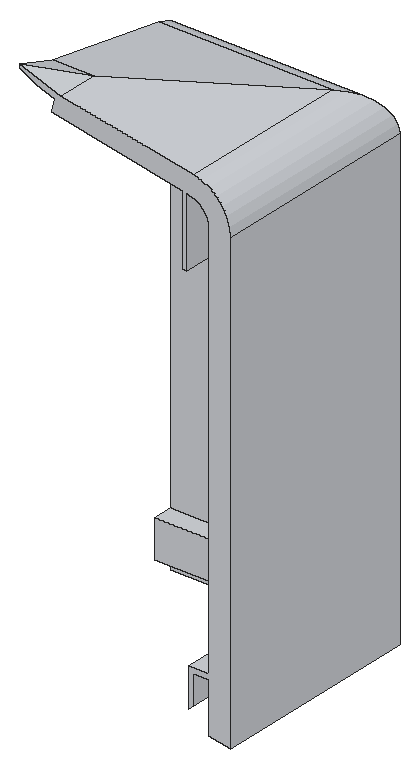
Revit family "HansWeitzel_2282", category Allgemeines Modell, Revit 2017
Family settings
  Basisbauteil = Wand
  Kann Basisbauteil für Bewehrung sein = Nein
  Bemaßung runder Anschluss = Durchmesser verwenden
  Teiletyp = Normal
  Immer vertikal = Ja
  Beim Laden mit Abzugskörper schneiden = Nein
  Gemeinsam genutzt = Nein
  Raumberechnungspunkt = Nein
Parameters (values of type "Type 1")
  max. Betriebstemperatur (°C) = 90
  Werkstoff = "Polystyrol"
  Typname = "HZ-Außenecke SLT Weiß"
  Tiefe (mm) = 81
  Profilform = "Eckprofil"
  Profilart = "Außeneckprofil"
  Menge pro Verpackungseinheit = 10
  Length3 = 100 mm
  Length2 [instance] = 100 mm
  Length1 [instance] = 100 mm
  Ist Zubehör = no
  Ist System = no
  Höhe [mm] = 89
  Hersteller = "Hans Weitzel GmbH & Co. KG"
  HeinzeBIM = "https://www.heinze.de/bim/hz-aussenecke-slt-weiss/5dcb47081f2577f40a5d392030c4f308c767ae65"
  HAN = "2282"
  Gewicht unverpackt (netto) [kg] = 0.002
  GTIN = "4022023212617"
  Farbton = "weiß"
  Dekor = "Weiß"
  Breite [mm] = 70
  Beschreibung = "HZ-Außenecke SLT Weiß für HZ-Sockelleiste SLT nur mit SCH2152"
  BIMSITE_PRODUCT_ID = "5dcb47081f2577f40a5d392030c4f308c767ae65"
  BIM = "https://media.live.bim.site/t/eyJhbGciOiJIUzI1NiIsInR5cCI6IkpXVCJ9.eyJjdCI6MSwidGYiOiJwdWJsaWMvaGFucy13ZWl0emVsLWdtYmgtY28ta2cvMjI1MGEyZS9IWl9TTFRfQXVzc2VuZWNrZS5yZmEiLCJjaWQiOiJmZWQ5OGU5YS0xYmQ4LTRjNjgtYTczYi03NGE5NGUzMTU4MjMiLCJyaWQiOiI3ZWEwMjdjYWRjNWRlZTc2OGFjODE1NTZiN2I2YWUzYiIsInBpZCI6IjVkY2I0NzA4MWYyNTc3ZjQwYTVkMzkyMDMwYzRmMzA4Yzc2N2FlNjUiLCJzaWQiOiI2MzU1OCIsInV0Ijo1LCJsYyI6ImRlIiwiaWF0IjoxNTgwMjEwNzAwLCJpc3MiOiJodHRwczovL2FwaS5saXZlLmJpbS5zaXRlIiwic3ViIjoiZjU4NmM0YjYtYTUwOC00MjdhLTk4MTgtMTMxNzk2NjU3NmJjIn0.eqPwzE4NsM7vSD94jh52wD81to8gPUC3iSoCbRU9fIo/HZ_SLT_Aussenecke.rfa"
Reference planes
  plane 1 "Wall": y = 0
  plane 2 "Center (Left/Right)": x = 125
  plane 3 "Back": y = 75
Text (mm)
  text "Placement side" at (0, 1409.804, 2854.306), in view "Left"
  text "Placement side" at (0, 499.811, 2980.732), in view "Right"
Dimensions and locks
  locked: plane 3 "Back" to host wall
  aligned and locked: plane 1 "Wall" to host wall
  aligned and locked: nested 1 to plane 3 "Back"
  aligned and locked: nested 1 to plane 2 "Center (Left/Right)"
Nested families
  nested 1: "HZ_SLT_Profil_Mass_Aussenecke_Part3" at (125, 75, 0) x (-1, 0, 0) z (0, 0, 1), type "HZ_SLT_Profil_Mass_Aussenecke_Part3"
Definition of nested family "HZ_SLT_Profil_Mass_Aussenecke_Part3"
  Parameters
    Length3 [instance] = 50 mm
  Reference planes
    plane 1 "Center (Front/Back)": y = 0
    plane 2: z = 0
    plane 3 "Center (Left/Right)": x = 0
  Forms (mm)
    Sweep 1, solid, detail levels fine
      path origin (0, 0, 0) x (1, 0, 0) y (0, 1, 0)
        loop
          line (50, 0) -> (0, 0) -> (0, 50)
      profile origin (25, 0, 0) x (0, -1, 0) y (0, 0, 1)
        loop
          arc (8.257, 105.945) -> (2.76, 107.658) -> (-2.5, 110) r 49.288
          arc (-2.5, 110) -> (1.989, 106.888) -> (7.063, 104.865) r 24.152
          line (7.063, 104.865) -> (6.352, 102.36) -> (32.736, 97.271) -> (32.736, 83.271) -> (33.682, 83.271) -> (33.682, 97.05)
          arc (33.682, 97.05) -> (36.492, 95.829) -> (38, 93.162) r 4.827
          line (38, 93.162) -> (38, 11.851) -> (33.995, 11.851) -> (34.003, 4.22) -> (34.926, 4.994) -> (34.926, 10.851) -> (38, 10.851) -> (38, 0.717) -> (42.5, 0) -> (42.5, 92.311)
          arc (42.5, 92.311) -> (40.31, 98) -> (34.988, 100.974) r 8.965
          line (34.988, 100.974) -> (8.257, 105.945)
    Sweep 2, solid, detail levels medium
      path origin (0, 0, 0) x (1, 0, 0) y (0, 1, 0)
        loop
          line (50, 0) -> (0, 0) -> (0, 50)
      profile origin (25, 0, 0) x (0, -1, 0) y (0, 0, 1)
        loop
          line (6.352, 102.36) -> (32.736, 97.271) -> (32.736, 83.271) -> (33.682, 83.271) -> (33.682, 97.088) -> (38, 96.255) -> (38, 11.851) -> (33.995, 11.851) -> (34.003, 4.22) -> (34.926, 4.22) -> (34.926, 10.851) -> (38, 10.851) -> (38, 0) -> (42.5, 0) -> (42.5, 99.577) -> (8.257, 105.945)
          arc (8.257, 105.945) -> (2.76, 107.658) -> (-2.5, 110) r 49.288
          line (-2.5, 110) -> (6.352, 102.36)
    Sweep 3, solid, detail levels coarse
      path origin (0, 0, 0) x (1, 0, 0) y (0, 1, 0)
        loop
          line (50, 0) -> (0, 0) -> (0, 50)
      profile origin (25, 0, 0) x (0, -1, 0) y (0, 0, 1)
        loop
          line (42.5, 110) -> (-2.5, 110) -> (-2.5, 0) -> (42.5, 0) -> (42.5, 110)
    Extrusion 4, void
      sketch origin (0, 0, 0) x (1, 0, 0) y (0, 1, 0)
        loop
          line (0, 83.004) -> (0, -66.996) -> (80, -66.996) -> (80, 83.004) -> (0, 83.004)
      from 0 to 250
    Extrusion 5, void
      sketch origin (0, 0, 0) x (1, 0, 0) y (0, 1, 0)
        loop
          line (-132.663, 83.004) -> (-132.663, 0) -> (18.875, 0) -> (18.875, 83.004) -> (-132.663, 83.004)
      from 0 to 250
  Cuts and joins
    Extrusion 4, Extrusion 5 cuts Sweep 1
    Extrusion 4, Extrusion 5 cuts Sweep 2
    Extrusion 4, Extrusion 5 cuts Sweep 3
  Dimensions and locks
    "Length3": Sweep 2 sketch curve to Sweep 2 sketch curve  (x2)
    "Length3": Sweep 3 sketch curve to Sweep 3 sketch curve  (x2)
    "Length3": Sweep 1 sketch curve to Sweep 1 sketch curve  (x2)
    aligned and locked: level to plane 2
  Automatic sketch dimensions
    Sweep 1 sketch curve to level = 0 mm
    Sweep 1 sketch curve to profile plane = 6.352 mm
    Sweep 1 sketch curve to Sweep 1 sketch curve = 0.71 mm
    Sweep 1 sketch curve to Sweep 1 sketch curve = 1.194 mm
    Sweep 1 sketch curve to profile plane = 13.415 mm
    Sweep 1 sketch curve to profile plane = 20.146 mm
    Sweep 1 sketch curve to Sweep 1 sketch curve = 26.384 mm
    Sweep 1 sketch curve to Sweep 1 sketch curve = 0.525 mm
    Sweep 1 sketch curve to Sweep 1 sketch curve = 0.275 mm
    Sweep 1 sketch curve to Sweep 1 sketch curve = 0.946 mm
    level to Sweep 1 sketch curve = 11.851 mm
    Sweep 1 sketch curve to profile plane = 33.995 mm
    level to Sweep 1 sketch curve = 4.22 mm
    Sweep 1 sketch curve to Sweep 1 sketch curve = 0.008 mm
    Sweep 1 sketch curve to Sweep 1 sketch curve = 0.931 mm
    Sweep 1 sketch curve to Sweep 1 sketch curve = 1.306 mm
    Sweep 1 sketch curve to Sweep 1 sketch curve = 3.074 mm
    Sweep 1 sketch curve to Sweep 1 sketch curve = 0 mm
    Sweep 1 sketch curve to Sweep 1 sketch curve = 4.5 mm
    level to Sweep 1 sketch curve = 0.717 mm
    Sweep 1 sketch curve to Sweep 1 sketch curve = 0.774 mm
    Sweep 1 sketch curve to Sweep 1 sketch curve = 1 mm
    Sweep 1 sketch curve to Sweep 1 sketch curve = 71.419 mm
    Sweep 1 sketch curve to Sweep 1 sketch curve = 8.857 mm
    Sweep 1 sketch curve to Sweep 1 sketch curve = 0.115 mm
    Sweep 1 sketch curve to Sweep 1 sketch curve = 0.184 mm
    Sweep 1 sketch curve to Sweep 1 sketch curve = 0.851 mm
    Sweep 1 sketch curve to Sweep 1 sketch curve = 0.22 mm
    Sweep 1 sketch curve to Sweep 1 sketch curve = 5.09 mm
    Sweep 1 sketch curve to Sweep 1 sketch curve = 2.505 mm
    Sweep 1 sketch curve to Sweep 1 sketch curve = 1.08 mm
    Sweep 1 sketch curve to Sweep 1 sketch curve = 22.222 mm
    Sweep 1 sketch curve to Sweep 1 sketch curve = 25.61 mm
    Sweep 3 sketch curve to level = 0 mm
    profile plane to Sweep 3 sketch curve = 2.5 mm
    Sweep 3 sketch curve to profile plane = 42.5 mm
    level to Sweep 3 sketch curve = 110 mm
    Extrusion 4 sketch curve to plane 3 "Center (Left/Right)" = 0 mm
    plane 3 "Center (Left/Right)" to Extrusion 4 sketch curve = 80 mm
    plane 1 "Center (Front/Back)" to Extrusion 4 sketch curve = 66.996 mm
    Extrusion 4 sketch curve to plane 1 "Center (Front/Back)" = 83.004 mm
    plane 1 "Center (Front/Back)" to Extrusion 5 sketch curve = 0 mm
    Extrusion 5 sketch curve to plane 3 "Center (Left/Right)" = 132.663 mm
    plane 3 "Center (Left/Right)" to Extrusion 5 sketch curve = 18.875 mm
    Extrusion 5 sketch curve to plane 1 "Center (Front/Back)" = 83.004 mm
    Sweep 2 sketch curve to level = 0 mm
    profile plane to Sweep 2 sketch curve = 2.5 mm
    Sweep 2 sketch curve to profile plane = 6.352 mm
    Sweep 2 sketch curve to Sweep 2 sketch curve = 1.905 mm
    Sweep 2 sketch curve to profile plane = 20.146 mm
    Sweep 2 sketch curve to Sweep 2 sketch curve = 24.48 mm
    Sweep 2 sketch curve to Sweep 2 sketch curve = 0.946 mm
    level to Sweep 2 sketch curve = 11.851 mm
    Sweep 2 sketch curve to profile plane = 33.995 mm
    Sweep 2 sketch curve to Sweep 2 sketch curve = 0.008 mm
    Sweep 2 sketch curve to Sweep 2 sketch curve = 0.931 mm
    Sweep 2 sketch curve to Sweep 2 sketch curve = 3.074 mm
    Sweep 2 sketch curve to Sweep 2 sketch curve = 0 mm
    Sweep 2 sketch curve to Sweep 2 sketch curve = 4.5 mm
    level to Sweep 2 sketch curve = 4.22 mm
    Sweep 2 sketch curve to Sweep 2 sketch curve = 1 mm
    Sweep 2 sketch curve to Sweep 2 sketch curve = 71.419 mm
    Sweep 2 sketch curve to Sweep 2 sketch curve = 14 mm
    Sweep 2 sketch curve to Sweep 2 sketch curve = 2.306 mm
    Sweep 2 sketch curve to Sweep 2 sketch curve = 5.09 mm
    Sweep 2 sketch curve to Sweep 2 sketch curve = 3.585 mm
    Sweep 2 sketch curve to Sweep 2 sketch curve = 4.055 mm
    Sweep 2 sketch curve to Sweep 2 sketch curve = 1.015 mm
    Sweep 2 sketch curve to Sweep 2 sketch curve = 0.182 mm
    plane 1 "Center (Front/Back)" to Sweep 1 sketch curve = 0 mm
    Sweep 1 sketch curve to plane 3 "Center (Left/Right)" = 0 mm
    plane 1 "Center (Front/Back)" to Sweep 2 sketch curve = 0 mm
    Sweep 2 sketch curve to plane 3 "Center (Left/Right)" = 0 mm
    plane 1 "Center (Front/Back)" to Sweep 3 sketch curve = 0 mm
    Sweep 3 sketch curve to plane 3 "Center (Left/Right)" = 0 mm
